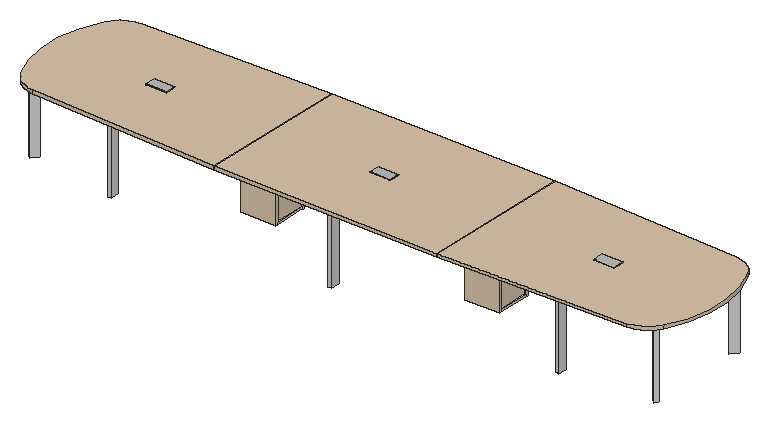
Revit family "Haworth_Planes_ConferenceTable_PebbleThreePiece", category Furniture Systems, Revit 2018 (continued)
Definition of nested family "Haworth_Planes_Worksurface_Pebble_3Piece_PART"
  Definition of nested family "Haworth_Planes_Worksurface_Pebble60_3Pieces_Part"
    Forms (in)
      Extrusion 2, solid, material <- "Table Finish", visible <- "192w"
        sketch origin (-729.89022, -148.78543, 0) x (1, 0, 0) y (0, 1, 0)
          loop
            arc (639.5615, 184.76794) -> (634.37022, 163.78543) -> (639.5615, 142.80292) r 45
            arc (639.5615, 142.80292) -> (643.44412, 138.46517) -> (648.91138, 136.4652) r 12
            arc (648.91138, 136.4652) -> (673.4465, 134.53693) -> (698.05022, 133.9479) r 451.67365
            line (698.05022, 133.9479) -> (698.05022, 193.62295)
            arc (698.05022, 193.62295) -> (673.4465, 193.03392) -> (648.91138, 191.10566) r 451.67365
            arc (648.91138, 191.10566) -> (643.44412, 189.10569) -> (639.5615, 184.76794) r 12
          loop
            arc (761.73022, 133.9479) -> (786.33395, 134.53693) -> (810.86906, 136.4652) r 451.67365
            arc (810.86906, 136.4652) -> (816.33632, 138.46517) -> (820.21894, 142.80292) r 12
            arc (820.21894, 142.80292) -> (825.41022, 163.78543) -> (820.21894, 184.76794) r 45
            arc (820.21894, 184.76794) -> (816.33632, 189.10569) -> (810.86906, 191.10566) r 12
            arc (810.86906, 191.10566) -> (786.33395, 193.03392) -> (761.73022, 193.62295) r 451.67365
            line (761.73022, 193.62295) -> (761.73022, 133.9479)
        from 27.8125 to 29
      Extrusion 3, solid, material <- "Table Finish", visible <- "198w"
        sketch origin (-731.23218, -211.57156, 0) x (1, 0, 0) y (0, 1, 0)
          loop
            arc (637.90398, 247.55507) -> (632.71218, 226.57156) -> (637.90398, 205.58806) r 45
            arc (637.90398, 205.58806) -> (641.8084, 201.23574) -> (647.3061, 199.24516) r 12
            arc (647.3061, 199.24516) -> (672.81638, 197.32305) -> (698.39218, 196.73385) r 490.41566
            line (698.39218, 196.73385) -> (698.39218, 256.40928)
            arc (698.39218, 256.40928) -> (672.81638, 255.82008) -> (647.3061, 253.89796) r 490.41566
            arc (647.3061, 253.89796) -> (641.8084, 251.90739) -> (637.90398, 247.55507) r 12
          loop
            arc (764.07218, 196.73385) -> (789.64798, 197.32305) -> (815.15826, 199.24516) r 490.41566
            arc (815.15826, 199.24516) -> (820.65596, 201.23574) -> (824.56038, 205.58806) r 12
            arc (824.56038, 205.58806) -> (829.75218, 226.57156) -> (824.56038, 247.55507) r 45
            arc (824.56038, 247.55507) -> (820.65596, 251.90739) -> (815.15826, 253.89796) r 12
            arc (815.15826, 253.89796) -> (789.64798, 255.82008) -> (764.07218, 256.40928) r 490.41566
            line (764.07218, 256.40928) -> (764.07218, 196.73385)
        from 27.8125 to 29
      Extrusion 4, solid, material <- "Table Finish", visible <- "204w"
        sketch origin (-730.56386, -275.02564, 0) x (1, 0, 0) y (0, 1, 0)
          loop
            arc (634.23599, 311.00977) -> (629.04386, 290.02564) -> (634.23599, 269.0415) r 45
            arc (634.23599, 269.0415) -> (638.16046, 264.6758) -> (643.68615, 262.69398) r 12
            arc (643.68615, 262.69398) -> (670.17364, 260.77721) -> (696.72386, 260.18775) r 530.75685
            line (696.72386, 260.18775) -> (696.72386, 319.86352)
            arc (696.72386, 319.86352) -> (670.17364, 319.27406) -> (643.68615, 317.35729) r 530.75685
            arc (643.68615, 317.35729) -> (638.16046, 315.37548) -> (634.23599, 311.00977) r 12
          loop
            arc (764.40386, 260.18775) -> (790.95407, 260.77721) -> (817.44157, 262.69398) r 530.75685
            arc (817.44157, 262.69398) -> (822.96726, 264.6758) -> (826.89172, 269.0415) r 12
            arc (826.89172, 269.0415) -> (832.08386, 290.02564) -> (826.89172, 311.00977) r 45
            arc (826.89172, 311.00977) -> (822.96726, 315.37548) -> (817.44157, 317.35729) r 12
            arc (817.44157, 317.35729) -> (790.95407, 319.27406) -> (764.40386, 319.86352) r 530.75685
            line (764.40386, 319.86352) -> (764.40386, 260.18775)
        from 27.8125 to 29
      Extrusion 5, solid, material <- "Table Finish", visible <- "210w"
        sketch origin (-729.89554, -340.48352, 0) x (1, 0, 0) y (0, 1, 0)
          loop
            arc (630.56785, 376.46799) -> (625.37554, 355.48352) -> (630.56785, 334.49905) r 45
            arc (630.56785, 334.49905) -> (634.51083, 330.12099) -> (640.06234, 328.14738) r 12
            arc (640.06234, 328.14738) -> (667.52886, 326.23528) -> (695.05554, 325.64548) r 572.69723
            line (695.05554, 325.64548) -> (695.05554, 385.32156)
            arc (695.05554, 385.32156) -> (667.52886, 384.73177) -> (640.06234, 382.81967) r 572.69723
            arc (640.06234, 382.81967) -> (634.51083, 380.84605) -> (630.56785, 376.46799) r 12
          loop
            arc (764.73554, 325.64548) -> (792.26222, 326.23528) -> (819.72874, 328.14738) r 572.69723
            arc (819.72874, 328.14738) -> (825.28025, 330.12099) -> (829.22323, 334.49905) r 12
            arc (829.22323, 334.49905) -> (834.41554, 355.48352) -> (829.22323, 376.46799) r 45
            arc (829.22323, 376.46799) -> (825.28025, 380.84605) -> (819.72874, 382.81967) r 12
            arc (819.72874, 382.81967) -> (792.26222, 384.73177) -> (764.73554, 385.32156) r 572.69723
            line (764.73554, 385.32156) -> (764.73554, 325.64548)
        from 27.8125 to 29
      Extrusion 6, solid, material <- "Table Finish", visible <- "216w"
        sketch origin (-727.89058, -405.94544, 0) x (1, 0, 0) y (0, 1, 0)
          loop
            arc (625.56294, 441.93001) -> (620.37058, 420.94544) -> (625.56294, 399.96088) r 45
            arc (625.56294, 399.96088) -> (629.52307, 395.57138) -> (635.09849, 393.60544) r 12
            arc (635.09849, 393.60544) -> (663.54563, 391.69744) -> (692.05058, 391.10727) r 616.2368
            line (692.05058, 391.10727) -> (692.05058, 450.78362)
            arc (692.05058, 450.78362) -> (663.54563, 450.19345) -> (635.09849, 448.28544) r 616.2368
            arc (635.09849, 448.28544) -> (629.52307, 446.3195) -> (625.56294, 441.93001) r 12
          loop
            arc (763.73058, 391.10727) -> (792.23553, 391.69744) -> (820.68267, 393.60544) r 616.2368
            arc (820.68267, 393.60544) -> (826.25809, 395.57138) -> (830.21822, 399.96088) r 12
            arc (830.21822, 399.96088) -> (835.41058, 420.94544) -> (830.21822, 441.93001) r 45
            arc (830.21822, 441.93001) -> (826.25809, 446.3195) -> (820.68267, 448.28544) r 12
            arc (820.68267, 448.28544) -> (792.23553, 450.19345) -> (763.73058, 450.78362) r 616.2368
            line (763.73058, 450.78362) -> (763.73058, 391.10727)
        from 27.8125 to 29
      Extrusion 7, solid, material <- "Table Finish", visible <- "222w"
        sketch origin (-727.25581, -470.81755, 0) x (1, 0, 0) y (0, 1, 0)
          loop
            arc (621.92813, 506.80203) -> (616.73581, 485.81755) -> (621.92813, 464.83307) r 45
            arc (621.92813, 464.83307) -> (625.90418, 460.43296) -> (631.50181, 458.47423) r 12
            arc (631.50181, 458.47423) -> (660.93099, 456.56983) -> (690.41581, 455.97925) r 661.37555
            line (690.41581, 455.97925) -> (690.41581, 515.65584)
            arc (690.41581, 515.65584) -> (660.93099, 515.06526) -> (631.50181, 513.16087) r 661.37555
            arc (631.50181, 513.16087) -> (625.90418, 511.20214) -> (621.92813, 506.80203) r 12
          loop
            arc (764.09581, 455.97925) -> (793.58063, 456.56983) -> (823.00981, 458.47423) r 661.37555
            arc (823.00981, 458.47423) -> (828.60743, 460.43296) -> (832.58349, 464.83307) r 12
            arc (832.58349, 464.83307) -> (837.77581, 485.81755) -> (832.58349, 506.80203) r 45
            arc (832.58349, 506.80203) -> (828.60743, 511.20214) -> (823.00981, 513.16087) r 12
            arc (823.00981, 513.16087) -> (793.58063, 515.06526) -> (764.09581, 515.65584) r 661.37555
            line (764.09581, 515.65584) -> (764.09581, 455.97925)
        from 27.8125 to 29
      Extrusion 8, solid, material <- "Table Finish", visible <- "228w"
        sketch origin (-725.92256, -535.60903, 0) x (1, 0, 0) y (0, 1, 0)
          loop
            arc (617.59475, 571.59328) -> (612.40256, 550.60903) -> (617.59475, 529.62478) r 45
            arc (617.59475, 529.62478) -> (621.58565, 525.21479) -> (627.20394, 523.26284) r 12
            arc (627.20394, 523.26284) -> (657.61643, 521.36164) -> (688.08256, 520.77062) r 708.1135
            line (688.08256, 520.77062) -> (688.08256, 580.44744)
            arc (688.08256, 580.44744) -> (657.61643, 579.85642) -> (627.20394, 577.95521) r 708.1135
            arc (627.20394, 577.95521) -> (621.58565, 576.00327) -> (617.59475, 571.59328) r 12
          loop
            arc (763.76256, 520.77062) -> (794.22868, 521.36164) -> (824.64117, 523.26284) r 708.1135
            arc (824.64117, 523.26284) -> (830.25946, 525.21479) -> (834.25036, 529.62478) r 12
            arc (834.25036, 529.62478) -> (839.44256, 550.60903) -> (834.25036, 571.59328) r 45
            arc (834.25036, 571.59328) -> (830.25946, 576.00327) -> (824.64117, 577.95521) r 12
            arc (824.64117, 577.95521) -> (794.22868, 579.85642) -> (763.76256, 580.44744) r 708.1135
            line (763.76256, 580.44744) -> (763.76256, 520.77062)
        from 27.8125 to 29
      Extrusion 9, solid, material <- "Table Finish", visible <- "234w"
        sketch origin (-724.70902, -598.95998, 0) x (1, 0, 0) y (0, 1, 0)
          loop
            arc (613.38103, 634.94388) -> (608.18902, 613.95998) -> (613.38103, 592.97609) r 45
            arc (613.38103, 592.97609) -> (617.3858, 588.55687) -> (623.02338, 586.61131) r 12
            arc (623.02338, 586.61131) -> (654.42031, 584.71295) -> (685.86902, 584.12148) r 756.45063
            line (685.86902, 584.12148) -> (685.86902, 643.79849)
            arc (685.86902, 643.79849) -> (654.42031, 643.20701) -> (623.02338, 641.30865) r 756.45063
            arc (623.02338, 641.30865) -> (617.3858, 639.36309) -> (613.38103, 634.94388) r 12
          loop
            arc (763.54902, 584.12148) -> (794.99773, 584.71295) -> (826.39466, 586.61131) r 756.45063
            arc (826.39466, 586.61131) -> (832.03225, 588.55687) -> (836.03701, 592.97609) r 12
            arc (836.03701, 592.97609) -> (841.22902, 613.95998) -> (836.03701, 634.94388) r 45
            arc (836.03701, 634.94388) -> (832.03225, 639.36309) -> (826.39466, 641.30865) r 12
            arc (826.39466, 641.30865) -> (794.99773, 643.20701) -> (763.54902, 643.79849) r 756.45063
            line (763.54902, 643.79849) -> (763.54902, 584.12148)
        from 27.8125 to 29
      Extrusion 10, solid, material <- "Table Finish", visible <- "240w"
        sketch origin (-724.87283, -663.92772, 0) x (1, 0, 0) y (0, 1, 0)
          loop
            arc (610.5446, 699.91117) -> (605.35283, 678.92772) -> (610.5446, 657.94427) r 45
            arc (610.5446, 657.94427) -> (614.56234, 653.51643) -> (620.21799, 651.5769) r 12
            arc (620.21799, 651.5769) -> (652.60038, 649.68107) -> (685.03283, 649.08912) r 806.38695
            line (685.03283, 649.08912) -> (685.03283, 708.76632)
            arc (685.03283, 708.76632) -> (652.60038, 708.17437) -> (620.21799, 706.27854) r 806.38695
            arc (620.21799, 706.27854) -> (614.56234, 704.33902) -> (610.5446, 699.91117) r 12
          loop
            arc (764.71283, 649.08912) -> (797.14527, 649.68107) -> (829.52767, 651.5769) r 806.38695
            arc (829.52767, 651.5769) -> (835.18332, 653.51643) -> (839.20106, 657.94427) r 12
            arc (839.20106, 657.94427) -> (844.39283, 678.92772) -> (839.20106, 699.91117) r 45
            arc (839.20106, 699.91117) -> (835.18332, 704.33902) -> (829.52767, 706.27854) r 12
            arc (829.52767, 706.27854) -> (797.14527, 708.17437) -> (764.71283, 708.76632) r 806.38695
            line (764.71283, 708.76632) -> (764.71283, 649.08912)
        from 27.8125 to 29
      Extrusion 11, solid, material <- "Table Finish", visible <- "246w"
        sketch origin (-724.87283, -726.76777, 0) x (1, 0, 0) y (0, 1, 0)
          loop
            arc (607.54433, 762.7507) -> (602.35283, 741.76777) -> (607.54433, 720.78484) r 45
            arc (607.54433, 720.78484) -> (611.57424, 716.3489) -> (617.24682, 714.41508) r 12
            arc (617.24682, 714.41508) -> (650.61561, 712.52151) -> (684.03283, 711.92909) r 857.92246
            line (684.03283, 711.92909) -> (684.03283, 771.60645)
            arc (684.03283, 771.60645) -> (650.61561, 771.01403) -> (617.24682, 769.12046) r 857.92246
            arc (617.24682, 769.12046) -> (611.57424, 767.18664) -> (607.54433, 762.7507) r 12
          loop
            arc (765.71283, 711.92909) -> (799.13005, 712.52151) -> (832.49884, 714.41508) r 857.92246
            arc (832.49884, 714.41508) -> (838.17141, 716.3489) -> (842.20133, 720.78484) r 12
            arc (842.20133, 720.78484) -> (847.39283, 741.76777) -> (842.20133, 762.7507) r 45
            arc (842.20133, 762.7507) -> (838.17141, 767.18664) -> (832.49884, 769.12046) r 12
            arc (832.49884, 769.12046) -> (799.13005, 771.01403) -> (765.71283, 771.60645) r 857.92246
            line (765.71283, 771.60645) -> (765.71283, 711.92909)
        from 27.8125 to 29
      Extrusion 12, solid, material <- "Table Finish", visible <- "252w"
        sketch origin (-724.20394, -789.61244, 0) x (1, 0, 0) y (0, 1, 0)
          loop
            arc (603.87513, 825.59479) -> (598.68394, 804.61244) -> (603.87513, 783.63009) r 45
            arc (603.87513, 783.63009) -> (607.91649, 779.18654) -> (613.60498, 777.25813) r 12
            arc (613.60498, 777.25813) -> (647.961, 775.36658) -> (682.36394, 774.77369) r 911.05716
            line (682.36394, 774.77369) -> (682.36394, 834.4512)
            arc (682.36394, 834.4512) -> (647.961, 833.8583) -> (613.60498, 831.96676) r 911.05716
            arc (613.60498, 831.96676) -> (607.91649, 830.03834) -> (603.87513, 825.59479) r 12
          loop
            arc (766.04394, 774.77369) -> (800.44687, 775.36658) -> (834.80289, 777.25813) r 911.05716
            arc (834.80289, 777.25813) -> (840.49138, 779.18654) -> (844.53274, 783.63009) r 12
            arc (844.53274, 783.63009) -> (849.72394, 804.61244) -> (844.53274, 825.59479) r 45
            arc (844.53274, 825.59479) -> (840.49138, 830.03834) -> (834.80289, 831.96676) r 12
            arc (834.80289, 831.96676) -> (800.44687, 833.8583) -> (766.04394, 834.4512) r 911.05716
            line (766.04394, 834.4512) -> (766.04394, 774.77369)
        from 27.8125 to 29
      Extrusion 13, solid, material <- "Table Finish", visible <- "258w"
        sketch origin (-724.20394, -852.45398, 0) x (1, 0, 0) y (0, 1, 0)
          loop
            arc (600.8748, 888.4357) -> (595.68394, 867.45398) -> (600.8748, 846.47225) r 45
            arc (600.8748, 846.47225) -> (604.92695, 842.02154) -> (610.63042, 840.09824) r 12
            arc (610.63042, 840.09824) -> (645.97442, 838.20852) -> (681.36394, 837.61515) r 965.79104
            line (681.36394, 837.61515) -> (681.36394, 897.2928)
            arc (681.36394, 897.2928) -> (645.97442, 896.69943) -> (610.63042, 894.80971) r 965.79104
            arc (610.63042, 894.80971) -> (604.92695, 892.88641) -> (600.8748, 888.4357) r 12
          loop
            arc (767.04394, 837.61515) -> (802.43345, 838.20852) -> (837.77745, 840.09824) r 965.79104
            arc (837.77745, 840.09824) -> (843.48093, 842.02154) -> (847.53307, 846.47225) r 12
            arc (847.53307, 846.47225) -> (852.72394, 867.45398) -> (847.53307, 888.4357) r 45
            arc (847.53307, 888.4357) -> (843.48093, 892.88641) -> (837.77745, 894.80971) r 12
            arc (837.77745, 894.80971) -> (802.43345, 896.69943) -> (767.04394, 897.2928) r 965.79104
            line (767.04394, 897.2928) -> (767.04394, 837.61515)
        from 27.8125 to 29
      Extrusion 14, solid, material <- "Table Finish", visible <- "264w"
        sketch origin (-724.87196, -915.34799, 0) x (1, 0, 0) y (0, 1, 0)
          loop
            arc (598.54248, 951.32906) -> (593.35196, 930.34799) -> (598.54248, 909.36692) r 45
            arc (598.54248, 909.36692) -> (602.6048, 904.90946) -> (608.32241, 902.99103) r 12
            arc (608.32241, 902.99103) -> (644.65509, 901.10295) -> (681.03196, 900.5091) r 1022.12412
            line (681.03196, 900.5091) -> (681.03196, 960.18688)
            arc (681.03196, 960.18688) -> (644.65509, 959.59303) -> (608.32241, 957.70496) r 1022.12412
            arc (608.32241, 957.70496) -> (602.6048, 955.78653) -> (598.54248, 951.32906) r 12
          loop
            arc (768.71196, 900.5091) -> (805.08883, 901.10295) -> (841.42151, 902.99103) r 1022.12412
            arc (841.42151, 902.99103) -> (847.13912, 904.90946) -> (851.20144, 909.36692) r 12
            arc (851.20144, 909.36692) -> (856.39196, 930.34799) -> (851.20144, 951.32906) r 45
            arc (851.20144, 951.32906) -> (847.13912, 955.78653) -> (841.42151, 957.70496) r 12
            arc (841.42151, 957.70496) -> (805.08883, 959.59303) -> (768.71196, 960.18688) r 1022.12412
            line (768.71196, 960.18688) -> (768.71196, 900.5091)
        from 27.8125 to 29
      Extrusion 15, solid, material <- "Table Finish", visible <- "270w"
        sketch origin (-724.20685, -978.94741, 0) x (1, 0, 0) y (0, 1, 0)
          loop
            arc (594.87701, 1014.9278) -> (589.68685, 993.94741) -> (594.87701, 972.96703) r 45
            arc (594.87701, 972.96703) -> (598.94895, 968.50318) -> (604.67991, 966.58938) r 12
            arc (604.67991, 966.58938) -> (642.00192, 964.70279) -> (679.36685, 964.10847) r 1080.05638
            line (679.36685, 964.10847) -> (679.36685, 1023.78636)
            arc (679.36685, 1023.78636) -> (642.00192, 1023.19204) -> (604.67991, 1021.30545) r 1080.05638
            arc (604.67991, 1021.30545) -> (598.94895, 1019.39165) -> (594.87701, 1014.9278) r 12
          loop
            arc (769.04685, 964.10847) -> (806.41179, 964.70279) -> (843.73379, 966.58938) r 1080.05638
            arc (843.73379, 966.58938) -> (849.46476, 968.50318) -> (853.5367, 972.96703) r 12
            arc (853.5367, 972.96703) -> (858.72685, 993.94741) -> (853.5367, 1014.9278) r 45
            arc (853.5367, 1014.9278) -> (849.46476, 1019.39165) -> (843.73379, 1021.30545) r 12
            arc (843.73379, 1021.30545) -> (806.41179, 1023.19204) -> (769.04685, 1023.78636) r 1080.05638
            line (769.04685, 1023.78636) -> (769.04685, 964.10847)
        from 27.8125 to 29
      Extrusion 16, solid, material <- "Table Finish", visible <- "186w"
        sketch origin (-730.5556, -86.63524, 0) x (1, 0, 0) y (0, 1, 0)
          loop
            line (699.7156, 131.47255) -> (699.7156, 71.79793) -> (761.3956, 71.79793) -> (761.3956, 131.47255) -> (699.7156, 131.47255)
        from 27.8125 to 29
      Extrusion 17, solid, material <- "Table Finish", visible <- "192w"
        sketch origin (-729.89022, -148.78543, 0) x (1, 0, 0) y (0, 1, 0)
          loop
            line (698.05022, 193.62295) -> (698.05022, 133.9479) -> (761.73022, 133.9479) -> (761.73022, 193.62295) -> (698.05022, 193.62295)
        from 27.8125 to 29
      Extrusion 18, solid, material <- "Table Finish", visible <- "198w"
        sketch origin (-731.23218, -211.57156, 0) x (1, 0, 0) y (0, 1, 0)
          loop
            line (698.39218, 256.40928) -> (698.39218, 196.73385) -> (764.07218, 196.73385) -> (764.07218, 256.40928) -> (698.39218, 256.40928)
        from 27.8125 to 29
      Extrusion 19, solid, material <- "Table Finish", visible <- "204w"
        sketch origin (-730.56386, -275.02564, 0) x (1, 0, 0) y (0, 1, 0)
          loop
            line (696.72386, 319.86352) -> (696.72386, 260.18775) -> (764.40386, 260.18775) -> (764.40386, 319.86352) -> (696.72386, 319.86352)
        from 27.8125 to 29
      Extrusion 20, solid, material <- "Table Finish", visible <- "210w"
        sketch origin (-729.89554, -340.48352, 0) x (1, 0, 0) y (0, 1, 0)
          loop
            line (695.05554, 385.32156) -> (695.05554, 325.64548) -> (764.73554, 325.64548) -> (764.73554, 385.32156) -> (695.05554, 385.32156)
        from 27.8125 to 29
      Extrusion 21, solid, material <- "Table Finish", visible <- "216w"
        sketch origin (-727.89058, -405.94544, 0) x (1, 0, 0) y (0, 1, 0)
          loop
            line (692.05058, 450.78362) -> (692.05058, 391.10727) -> (763.73058, 391.10727) -> (763.73058, 450.78362) -> (692.05058, 450.78362)
        from 27.8125 to 29
      Extrusion 22, solid, material <- "Table Finish", visible <- "222w"
        sketch origin (-727.25581, -470.81755, 0) x (1, 0, 0) y (0, 1, 0)
          loop
            line (690.41581, 515.65584) -> (690.41581, 455.97925) -> (764.09581, 455.97925) -> (764.09581, 515.65584) -> (690.41581, 515.65584)
        from 27.8125 to 29
      Extrusion 23, solid, material <- "Table Finish", visible <- "228w"
        sketch origin (-725.92256, -535.60903, 0) x (1, 0, 0) y (0, 1, 0)
          loop
            line (688.08256, 580.44744) -> (688.08256, 520.77062) -> (763.76256, 520.77062) -> (763.76256, 580.44744) -> (688.08256, 580.44744)
        from 27.8125 to 29
      Extrusion 24, solid, material <- "Table Finish", visible <- "240w"
        sketch origin (-724.87283, -663.92772, 0) x (1, 0, 0) y (0, 1, 0)
          loop
            line (685.03283, 708.76632) -> (685.03283, 649.08912) -> (764.71283, 649.08912) -> (764.71283, 708.76632) -> (685.03283, 708.76632)
        from 27.8125 to 29
      Extrusion 25, solid, material <- "Table Finish", visible <- "246w"
        sketch origin (-724.87283, -726.76777, 0) x (1, 0, 0) y (0, 1, 0)
          loop
            line (684.03283, 771.60645) -> (684.03283, 711.92909) -> (765.71283, 711.92909) -> (765.71283, 771.60645) -> (684.03283, 771.60645)
        from 27.8125 to 29
      Extrusion 26, solid, material <- "Table Finish", visible <- "252w"
        sketch origin (-724.20394, -789.61244, 0) x (1, 0, 0) y (0, 1, 0)
          loop
            line (682.36394, 834.4512) -> (682.36394, 774.77369) -> (766.04394, 774.77369) -> (766.04394, 834.4512) -> (682.36394, 834.4512)
        from 27.8125 to 29
      Extrusion 27, solid, material <- "Table Finish", visible <- "258w"
        sketch origin (-724.20394, -852.45398, 0) x (1, 0, 0) y (0, 1, 0)
          loop
            line (681.36394, 897.2928) -> (681.36394, 837.61515) -> (767.04394, 837.61515) -> (767.04394, 897.2928) -> (681.36394, 897.2928)
        from 27.8125 to 29
      Extrusion 28, solid, material <- "Table Finish", visible <- "264w"
        sketch origin (-724.87196, -915.34799, 0) x (1, 0, 0) y (0, 1, 0)
          loop
            line (681.03196, 960.18688) -> (681.03196, 900.5091) -> (768.71196, 900.5091) -> (768.71196, 960.18688) -> (681.03196, 960.18688)
        from 27.8125 to 29
      Extrusion 29, solid, material <- "Table Finish", visible <- "270w"
        sketch origin (-724.20685, -978.94741, 0) x (1, 0, 0) y (0, 1, 0)
          loop
            line (679.36685, 1023.78636) -> (679.36685, 964.10847) -> (769.04685, 964.10847) -> (769.04685, 1023.78636) -> (679.36685, 1023.78636)
        from 27.8125 to 29
      Extrusion 30, solid, material <- "Table Finish", visible <- "234w"
        sketch origin (-724.70902, -598.95998, 0) x (1, 0, 0) y (0, 1, 0)
          loop
            line (685.86902, 643.79849) -> (685.86902, 584.12148) -> (763.54902, 584.12148) -> (763.54902, 643.79849) -> (685.86902, 643.79849)
        from 27.8125 to 29
    Lines and regions (in)
      Masking region 1, visible <- "186w"
        outline origin (-730.5556, -86.63524, 0) x (1, 0, 0) y (0, 1, 0)
          loop
            arc (652.76351, 74.29524) -> (675.45521, 72.42087) -> (698.2156, 71.79524) r 414.53084
            line (698.2156, 71.79524) -> (762.8956, 71.79524)
            arc (762.8956, 71.79524) -> (785.65598, 72.42087) -> (808.34768, 74.29524) r 414.53084
            arc (808.34768, 74.29524) -> (813.9231, 76.26118) -> (817.88323, 80.65067) r 12
            arc (817.88323, 80.65067) -> (823.0756, 101.63524) -> (817.88323, 122.61981) r 45
            arc (817.88323, 122.61981) -> (813.9231, 127.0093) -> (808.34768, 128.97524) r 12
            arc (808.34768, 128.97524) -> (785.65598, 130.84961) -> (762.8956, 131.47524) r 414.53084
            line (762.8956, 131.47524) -> (698.2156, 131.47524)
            arc (698.2156, 131.47524) -> (675.45521, 130.84961) -> (652.76351, 128.97524) r 414.53084
            arc (652.76351, 128.97524) -> (647.18809, 127.0093) -> (643.22796, 122.61981) r 12
            arc (643.22796, 122.61981) -> (638.0356, 101.63524) -> (643.22796, 80.65067) r 45
            arc (643.22796, 80.65067) -> (647.18809, 76.26118) -> (652.76351, 74.29524) r 12
      Masking region 2, visible <- "192w"
        outline origin (-729.89022, -148.78543, 0) x (1, 0, 0) y (0, 1, 0)
          loop
            arc (639.56259, 184.77) -> (634.37022, 163.78543) -> (639.56259, 142.80086) r 45
            arc (639.56259, 142.80086) -> (643.52271, 138.41137) -> (649.09813, 136.44543) r 12
            arc (649.09813, 136.44543) -> (672.79128, 134.57098) -> (696.55022, 133.94543) r 451.67365
            line (696.55022, 133.94543) -> (763.23022, 133.94543)
            arc (763.23022, 133.94543) -> (786.98916, 134.57098) -> (810.68231, 136.44543) r 451.67365
            arc (810.68231, 136.44543) -> (816.25773, 138.41137) -> (820.21786, 142.80086) r 12
            arc (820.21786, 142.80086) -> (825.41022, 163.78543) -> (820.21786, 184.77) r 45
            arc (820.21786, 184.77) -> (816.25773, 189.15949) -> (810.68231, 191.12543) r 12
            arc (810.68231, 191.12543) -> (786.98916, 192.99988) -> (763.23022, 193.62543) r 451.67365
            line (763.23022, 193.62543) -> (696.55022, 193.62543)
            arc (696.55022, 193.62543) -> (672.79128, 192.99988) -> (649.09813, 191.12543) r 451.67365
            arc (649.09813, 191.12543) -> (643.52271, 189.15949) -> (639.56259, 184.77) r 12
      Masking region 3, visible <- "198w"
        outline origin (-731.23218, -211.57156, 0) x (1, 0, 0) y (0, 1, 0)
          loop
            arc (637.90454, 247.55613) -> (632.71218, 226.57156) -> (637.90454, 205.587) r 45
            arc (637.90454, 205.587) -> (641.86467, 201.1975) -> (647.44009, 199.23156) r 12
            arc (647.44009, 199.23156) -> (672.13618, 197.35696) -> (696.89541, 196.73156) r 490.41566
            line (696.89541, 196.73156) -> (765.56895, 196.73156)
            arc (765.56895, 196.73156) -> (790.32818, 197.35696) -> (815.02427, 199.23156) r 490.41566
            arc (815.02427, 199.23156) -> (820.59969, 201.1975) -> (824.55982, 205.587) r 12
            arc (824.55982, 205.587) -> (829.75218, 226.57156) -> (824.55982, 247.55613) r 45
            arc (824.55982, 247.55613) -> (820.59969, 251.94562) -> (815.02427, 253.91156) r 12
            arc (815.02427, 253.91156) -> (790.32818, 255.78616) -> (765.56895, 256.41156) r 490.41566
            line (765.56895, 256.41156) -> (696.89541, 256.41156)
            arc (696.89541, 256.41156) -> (672.13618, 255.78616) -> (647.44009, 253.91156) r 490.41566
            arc (647.44009, 253.91156) -> (641.86467, 251.94562) -> (637.90454, 247.55613) r 12
      Masking region 4, visible <- "204w"
        outline origin (-730.56386, -275.02564, 0) x (1, 0, 0) y (0, 1, 0)
          loop
            arc (634.23622, 311.0102) -> (629.04386, 290.02564) -> (634.23622, 269.04107) r 45
            arc (634.23622, 269.04107) -> (638.19635, 264.65158) -> (643.77177, 262.68564) r 12
            arc (643.77177, 262.68564) -> (669.46852, 260.811) -> (695.22597, 260.18564) r 530.75685
            line (695.22597, 260.18564) -> (765.90175, 260.18564)
            arc (765.90175, 260.18564) -> (791.6592, 260.811) -> (817.35595, 262.68564) r 530.75685
            arc (817.35595, 262.68564) -> (822.93137, 264.65158) -> (826.8915, 269.04107) r 12
            arc (826.8915, 269.04107) -> (832.08386, 290.02564) -> (826.8915, 311.0102) r 45
            arc (826.8915, 311.0102) -> (822.93137, 315.3997) -> (817.35595, 317.36564) r 12
            arc (817.35595, 317.36564) -> (791.6592, 319.24027) -> (765.90175, 319.86564) r 530.75685
            line (765.90175, 319.86564) -> (695.22597, 319.86564)
            arc (695.22597, 319.86564) -> (669.46852, 319.24027) -> (643.77177, 317.36564) r 530.75685
            arc (643.77177, 317.36564) -> (638.19635, 315.3997) -> (634.23622, 311.0102) r 12
      Masking region 5, visible <- "210w"
        outline origin (-729.89554, -340.48352, 0) x (1, 0, 0) y (0, 1, 0)
          loop
            arc (630.5679, 376.46809) -> (625.37554, 355.48352) -> (630.5679, 334.49895) r 45
            arc (630.5679, 334.49895) -> (634.52803, 330.10946) -> (640.10345, 328.14352) r 12
            arc (640.10345, 328.14352) -> (666.8008, 326.26886) -> (693.55657, 325.64352) r 572.69723
            line (693.55657, 325.64352) -> (766.23451, 325.64352)
            arc (766.23451, 325.64352) -> (792.99028, 326.26886) -> (819.68763, 328.14352) r 572.69723
            arc (819.68763, 328.14352) -> (825.26305, 330.10946) -> (829.22318, 334.49895) r 12
            arc (829.22318, 334.49895) -> (834.41554, 355.48352) -> (829.22318, 376.46809) r 45
            arc (829.22318, 376.46809) -> (825.26305, 380.85758) -> (819.68763, 382.82352) r 12
            arc (819.68763, 382.82352) -> (792.99028, 384.69818) -> (766.23451, 385.32352) r 572.69723
            line (766.23451, 385.32352) -> (693.55657, 385.32352)
            arc (693.55657, 385.32352) -> (666.8008, 384.69818) -> (640.10345, 382.82352) r 572.69723
            arc (640.10345, 382.82352) -> (634.52803, 380.85758) -> (630.5679, 376.46809) r 12
      Masking region 6, visible <- "216w"
        outline origin (-727.89058, -405.94544, 0) x (1, 0, 0) y (0, 1, 0)
          loop
            arc (625.56294, 441.93001) -> (620.37058, 420.94544) -> (625.56294, 399.96088) r 45
            arc (625.56294, 399.96088) -> (629.52307, 395.57138) -> (635.09849, 393.60544) r 12
            arc (635.09849, 393.60544) -> (662.79637, 391.73076) -> (690.55058, 391.10544) r 616.2368
            line (690.55058, 391.10544) -> (765.23058, 391.10544)
            arc (765.23058, 391.10544) -> (792.98479, 391.73076) -> (820.68267, 393.60544) r 616.2368
            arc (820.68267, 393.60544) -> (826.25809, 395.57138) -> (830.21822, 399.96088) r 12
            arc (830.21822, 399.96088) -> (835.41058, 420.94544) -> (830.21822, 441.93001) r 45
            arc (830.21822, 441.93001) -> (826.25809, 446.3195) -> (820.68267, 448.28544) r 12
            arc (820.68267, 448.28544) -> (792.98479, 450.16013) -> (765.23058, 450.78544) r 616.2368
            line (765.23058, 450.78544) -> (690.55058, 450.78544)
            arc (690.55058, 450.78544) -> (662.79637, 450.16013) -> (635.09849, 448.28544) r 616.2368
            arc (635.09849, 448.28544) -> (629.52307, 446.3195) -> (625.56294, 441.93001) r 12
      Masking region 7, visible <- "222w"
        outline origin (-727.25581, -470.81755, 0) x (1, 0, 0) y (0, 1, 0)
          loop
            arc (621.92817, 506.80212) -> (616.73581, 485.81755) -> (621.92817, 464.83298) r 45
            arc (621.92817, 464.83298) -> (625.8883, 460.44349) -> (631.46372, 458.47755) r 12
            arc (631.46372, 458.47755) -> (660.16208, 456.60284) -> (688.91481, 455.97755) r 661.37555
            line (688.91481, 455.97755) -> (765.5968, 455.97755)
            arc (765.5968, 455.97755) -> (794.34953, 456.60284) -> (823.0479, 458.47755) r 661.37555
            arc (823.0479, 458.47755) -> (828.62332, 460.44349) -> (832.58344, 464.83298) r 12
            arc (832.58344, 464.83298) -> (837.77581, 485.81755) -> (832.58344, 506.80212) r 45
            arc (832.58344, 506.80212) -> (828.62332, 511.19161) -> (823.0479, 513.15755) r 12
            arc (823.0479, 513.15755) -> (794.34953, 515.03225) -> (765.5968, 515.65755) r 661.37555
            line (765.5968, 515.65755) -> (688.91481, 515.65755)
            arc (688.91481, 515.65755) -> (660.16208, 515.03225) -> (631.46372, 513.15755) r 661.37555
            arc (631.46372, 513.15755) -> (625.8883, 511.19161) -> (621.92817, 506.80212) r 12
      Masking region 8, visible <- "228w"
        outline origin (-725.92256, -535.60903, 0) x (1, 0, 0) y (0, 1, 0)
          loop
            arc (617.59492, 571.5936) -> (612.40256, 550.60903) -> (617.59492, 529.62446) r 45
            arc (617.59492, 529.62446) -> (621.55505, 525.23497) -> (627.13047, 523.26903) r 12
            arc (627.13047, 523.26903) -> (656.82926, 521.3943) -> (686.5806, 520.76903) r 708.1135
            line (686.5806, 520.76903) -> (765.26452, 520.76903)
            arc (765.26452, 520.76903) -> (795.01585, 521.3943) -> (824.71464, 523.26903) r 708.1135
            arc (824.71464, 523.26903) -> (830.29007, 525.23497) -> (834.25019, 529.62446) r 12
            arc (834.25019, 529.62446) -> (839.44256, 550.60903) -> (834.25019, 571.5936) r 45
            arc (834.25019, 571.5936) -> (830.29007, 575.98309) -> (824.71464, 577.94903) r 12
            arc (824.71464, 577.94903) -> (795.01585, 579.82375) -> (765.26452, 580.44903) r 708.1135
            line (765.26452, 580.44903) -> (686.5806, 580.44903)
            arc (686.5806, 580.44903) -> (656.82926, 579.82375) -> (627.13047, 577.94903) r 708.1135
            arc (627.13047, 577.94903) -> (621.55505, 575.98309) -> (617.59492, 571.5936) r 12
      Masking region 9, visible <- "234w"
        outline origin (-724.70902, -598.95998, 0) x (1, 0, 0) y (0, 1, 0)
          loop
            arc (613.38139, 634.94455) -> (608.18902, 613.95998) -> (613.38139, 592.97542) r 45
            arc (613.38139, 592.97542) -> (617.34151, 588.58592) -> (622.91694, 586.61998) r 12
            arc (622.91694, 586.61998) -> (653.61612, 584.74524) -> (684.36613, 584.11998) r 756.45063
            line (684.36613, 584.11998) -> (765.05192, 584.11998)
            arc (765.05192, 584.11998) -> (795.80193, 584.74524) -> (826.50111, 586.61998) r 756.45063
            arc (826.50111, 586.61998) -> (832.07653, 588.58592) -> (836.03666, 592.97542) r 12
            arc (836.03666, 592.97542) -> (841.22902, 613.95998) -> (836.03666, 634.94455) r 45
            arc (836.03666, 634.94455) -> (832.07653, 639.33404) -> (826.50111, 641.29998) r 12
            arc (826.50111, 641.29998) -> (795.80193, 643.17472) -> (765.05192, 643.79998) r 756.45063
            line (765.05192, 643.79998) -> (684.36613, 643.79998)
            arc (684.36613, 643.79998) -> (653.61612, 643.17472) -> (622.91694, 641.29998) r 756.45063
            arc (622.91694, 641.29998) -> (617.34151, 639.33404) -> (613.38139, 634.94455) r 12
      Masking region 10, visible <- "240w"
        outline origin (-724.87283, -663.92772, 0) x (1, 0, 0) y (0, 1, 0)
          loop
            arc (610.54519, 699.91229) -> (605.35283, 678.92772) -> (610.54519, 657.94315) r 45
            arc (610.54519, 657.94315) -> (614.50532, 653.55366) -> (620.08074, 651.58772) r 12
            arc (620.08074, 651.58772) -> (651.78027, 649.71296) -> (683.52903, 649.08772) r 806.38695
            line (683.52903, 649.08772) -> (766.21663, 649.08772)
            arc (766.21663, 649.08772) -> (797.96539, 649.71296) -> (829.66492, 651.58772) r 806.38695
            arc (829.66492, 651.58772) -> (835.24034, 653.55366) -> (839.20047, 657.94315) r 12
            arc (839.20047, 657.94315) -> (844.39283, 678.92772) -> (839.20047, 699.91229) r 45
            arc (839.20047, 699.91229) -> (835.24034, 704.30178) -> (829.66492, 706.26772) r 12
            arc (829.66492, 706.26772) -> (797.96539, 708.14248) -> (766.21663, 708.76772) r 806.38695
            line (766.21663, 708.76772) -> (683.52903, 708.76772)
            arc (683.52903, 708.76772) -> (651.78027, 708.14248) -> (620.08074, 706.26772) r 806.38695
            arc (620.08074, 706.26772) -> (614.50532, 704.30178) -> (610.54519, 699.91229) r 12
      Masking region 11, visible <- "246w"
        outline origin (-724.87283, -726.76777, 0) x (1, 0, 0) y (0, 1, 0)
          loop
            arc (607.54519, 762.75234) -> (602.35283, 741.76777) -> (607.54519, 720.7832) r 45
            arc (607.54519, 720.7832) -> (611.50532, 716.39371) -> (617.08074, 714.42777) r 12
            arc (617.08074, 714.42777) -> (649.78292, 712.55291) -> (682.53283, 711.92777) r 857.92246
            line (682.53283, 711.92777) -> (767.21283, 711.92777)
            arc (767.21283, 711.92777) -> (799.96274, 712.55291) -> (832.66492, 714.42777) r 857.92246
            arc (832.66492, 714.42777) -> (838.24034, 716.39371) -> (842.20047, 720.7832) r 12
            arc (842.20047, 720.7832) -> (847.39283, 741.76777) -> (842.20047, 762.75234) r 45
            arc (842.20047, 762.75234) -> (838.24034, 767.14183) -> (832.66492, 769.10777) r 12
            arc (832.66492, 769.10777) -> (799.96274, 770.98263) -> (767.21283, 771.60777) r 857.92246
            line (767.21283, 771.60777) -> (682.53283, 771.60777)
            arc (682.53283, 771.60777) -> (649.78292, 770.98263) -> (617.08074, 769.10777) r 857.92246
            arc (617.08074, 769.10777) -> (611.50532, 767.14183) -> (607.54519, 762.75234) r 12
      Masking region 12, visible <- "252w"
        outline origin (-724.20394, -789.61244, 0) x (1, 0, 0) y (0, 1, 0)
          loop
            arc (603.8763, 825.59701) -> (598.68394, 804.61244) -> (603.8763, 783.62787) r 45
            arc (603.8763, 783.62787) -> (607.83643, 779.23838) -> (613.41185, 777.27244) r 12
            arc (613.41185, 777.27244) -> (647.11473, 775.39755) -> (680.86394, 774.77244) r 911.05716
            line (680.86394, 774.77244) -> (767.54394, 774.77244)
            arc (767.54394, 774.77244) -> (801.29314, 775.39755) -> (834.99602, 777.27244) r 911.05716
            arc (834.99602, 777.27244) -> (840.57145, 779.23838) -> (844.53157, 783.62787) r 12
            arc (844.53157, 783.62787) -> (849.72394, 804.61244) -> (844.53157, 825.59701) r 45
            arc (844.53157, 825.59701) -> (840.57145, 829.9865) -> (834.99602, 831.95244) r 12
            arc (834.99602, 831.95244) -> (801.29314, 833.82733) -> (767.54394, 834.45244) r 911.05716
            line (767.54394, 834.45244) -> (680.86394, 834.45244)
            arc (680.86394, 834.45244) -> (647.11473, 833.82733) -> (613.41185, 831.95244) r 911.05716
            arc (613.41185, 831.95244) -> (607.83643, 829.9865) -> (603.8763, 825.59701) r 12
      Masking region 13, visible <- "258w"
        outline origin (-724.20394, -852.45398, 0) x (1, 0, 0) y (0, 1, 0)
          loop
            arc (600.8763, 888.43854) -> (595.68394, 867.45398) -> (600.8763, 846.46941) r 45
            arc (600.8763, 846.46941) -> (604.83643, 842.07992) -> (610.41185, 840.11398) r 12
            arc (610.41185, 840.11398) -> (645.1154, 838.23906) -> (679.86394, 837.61398) r 965.79104
            line (679.86394, 837.61398) -> (768.54394, 837.61398)
            arc (768.54394, 837.61398) -> (803.29247, 838.23906) -> (837.99602, 840.11398) r 965.79104
            arc (837.99602, 840.11398) -> (843.57145, 842.07992) -> (847.53157, 846.46941) r 12
            arc (847.53157, 846.46941) -> (852.72394, 867.45398) -> (847.53157, 888.43854) r 45
            arc (847.53157, 888.43854) -> (843.57145, 892.82803) -> (837.99602, 894.79398) r 12
            arc (837.99602, 894.79398) -> (803.29247, 896.66889) -> (768.54394, 897.29398) r 965.79104
            line (768.54394, 897.29398) -> (679.86394, 897.29398)
            arc (679.86394, 897.29398) -> (645.1154, 896.66889) -> (610.41185, 894.79398) r 965.79104
            arc (610.41185, 894.79398) -> (604.83643, 892.82803) -> (600.8763, 888.43854) r 12
      Masking region 14, visible <- "264w"
        outline origin (-724.87196, -915.34799, 0) x (1, 0, 0) y (0, 1, 0)
          loop
            arc (598.54432, 951.33256) -> (593.35196, 930.34799) -> (598.54432, 909.36343) r 45
            arc (598.54432, 909.36343) -> (602.50445, 904.97393) -> (608.07987, 903.00799) r 12
            arc (608.07987, 903.00799) -> (643.78405, 901.13306) -> (679.53196, 900.50799) r 1022.12412
            line (679.53196, 900.50799) -> (770.21196, 900.50799)
            arc (770.21196, 900.50799) -> (805.95987, 901.13306) -> (841.66405, 903.00799) r 1022.12412
            arc (841.66405, 903.00799) -> (847.23947, 904.97393) -> (851.1996, 909.36343) r 12
            arc (851.1996, 909.36343) -> (856.39196, 930.34799) -> (851.1996, 951.33256) r 45
            arc (851.1996, 951.33256) -> (847.23947, 955.72205) -> (841.66405, 957.68799) r 12
            arc (841.66405, 957.68799) -> (805.95987, 959.56293) -> (770.21196, 960.18799) r 1022.12412
            line (770.21196, 960.18799) -> (679.53196, 960.18799)
            arc (679.53196, 960.18799) -> (643.78405, 959.56293) -> (608.07987, 957.68799) r 1022.12412
            arc (608.07987, 957.68799) -> (602.50445, 955.72205) -> (598.54432, 951.33256) r 12
      Masking region 15, visible <- "270w"
        outline origin (-724.20685, -978.94741, 0) x (1, 0, 0) y (0, 1, 0)
          loop
            arc (594.87922, 1014.93198) -> (589.68685, 993.94741) -> (594.87922, 972.96285) r 45
            arc (594.87922, 972.96285) -> (598.83935, 968.57336) -> (604.41477, 966.60741) r 12
            arc (604.41477, 966.60741) -> (641.11954, 964.73246) -> (677.86685, 964.10741) r 1080.05638
            line (677.86685, 964.10741) -> (770.54685, 964.10741)
            arc (770.54685, 964.10741) -> (807.29417, 964.73246) -> (843.99894, 966.60741) r 1080.05638
            arc (843.99894, 966.60741) -> (849.57436, 968.57336) -> (853.53449, 972.96285) r 12
            arc (853.53449, 972.96285) -> (858.72685, 993.94741) -> (853.53449, 1014.93198) r 45
            arc (853.53449, 1014.93198) -> (849.57436, 1019.32147) -> (843.99894, 1021.28741) r 12
            arc (843.99894, 1021.28741) -> (807.29417, 1023.16237) -> (770.54685, 1023.78741) r 1080.05638
            line (770.54685, 1023.78741) -> (677.86685, 1023.78741)
            arc (677.86685, 1023.78741) -> (641.11954, 1023.16237) -> (604.41477, 1021.28741) r 1080.05638
            arc (604.41477, 1021.28741) -> (598.83935, 1019.32147) -> (594.87922, 1014.93198) r 12
      symbolic lines, visible <- "186w", detail levels medium+fine
        curve 1: line (-30.84, 44.83731, 0) -> (-30.84, -14.83731, 0)
        curve 2: line (30.84, -14.83731, 0) -> (30.84, 44.83731, 0)
      symbolic lines, visible <- "192w", detail levels medium+fine
        curve 3: line (31.84, -14.83752, 0) -> (31.84, 44.83752, 0)
        curve 4: line (-31.84, 44.83752, 0) -> (-31.84, -14.83752, 0)
      symbolic lines, visible <- "198w", detail levels medium+fine
        curve 5: line (-32.84, 44.83772, 0) -> (-32.84, -14.83772, 0)
        curve 6: line (32.84, -14.83772, 0) -> (32.84, 44.83772, 0)
      symbolic lines, visible <- "204w", detail levels medium+fine
        curve 7: line (33.84, -14.83789, 0) -> (33.84, 44.83789, 0)
        curve 8: line (-33.84, 44.83789, 0) -> (-33.84, -14.83789, 0)
      symbolic lines, visible <- "210w", detail levels medium+fine
        curve 9: line (-34.84, 44.83804, 0) -> (-34.84, -14.83804, 0)
        curve 10: line (34.84, -14.83804, 0) -> (34.84, 44.83804, 0)
      symbolic lines, visible <- "216w", detail levels medium+fine
        curve 11: line (35.84, -14.83817, 0) -> (35.84, 44.83817, 0)
        curve 12: line (-35.84, 44.83817, 0) -> (-35.84, -14.83817, 0)
      symbolic lines, visible <- "222w", detail levels medium+fine
        curve 13: line (-36.84, 44.8383, 0) -> (-36.84, -14.8383, 0)
        curve 14: line (36.84, -14.8383, 0) -> (36.84, 44.8383, 0)
      symbolic lines, visible <- "228w", detail levels medium+fine
        curve 15: line (37.84, -14.83841, 0) -> (37.84, 44.83841, 0)
        curve 16: line (-37.84, 44.83841, 0) -> (-37.84, -14.83841, 0)
      symbolic lines, visible <- "234w", detail levels medium+fine
        curve 17: line (-38.84, 44.83851, 0) -> (-38.84, -14.83851, 0)
        curve 18: line (38.84, -14.83851, 0) -> (38.84, 44.83851, 0)
      symbolic lines, visible <- "240w", detail levels medium+fine
        curve 19: line (39.84, -14.8386, 0) -> (39.84, 44.8386, 0)
        curve 20: line (-39.84, 44.8386, 0) -> (-39.84, -14.8386, 0)
      symbolic lines, visible <- "246w", detail levels medium+fine
        curve 21: line (-40.84, 44.83868, 0) -> (-40.84, -14.83868, 0)
        curve 22: line (40.84, -14.83868, 0) -> (40.84, 44.83868, 0)
      symbolic lines, visible <- "252w", detail levels medium+fine
        curve 23: line (41.84, -14.83876, 0) -> (41.84, 44.83876, 0)
        curve 24: line (-41.84, 44.83876, 0) -> (-41.84, -14.83876, 0)
      symbolic lines, visible <- "258w", detail levels medium+fine
        curve 25: line (-42.84, 44.83883, 0) -> (-42.84, -14.83883, 0)
        curve 26: line (42.84, -14.83883, 0) -> (42.84, 44.83883, 0)
      symbolic lines, visible <- "264w", detail levels medium+fine
        curve 27: line (43.84, -14.83889, 0) -> (43.84, 44.83889, 0)
        curve 28: line (-43.84, 44.83889, 0) -> (-43.84, -14.83889, 0)
      symbolic lines, visible <- "270w", detail levels medium+fine
        curve 29: line (-44.84, 44.83895, 0) -> (-44.84, -14.83895, 0)
        curve 30: line (44.84, -14.83895, 0) -> (44.84, 44.83895, 0)
    Dimensions and locks (in)
      "Thickness": plane 4 "Table Top" to plane 5 "Table Bottom"
      "Actual Height": plane 4 "Table Top" to level
      "Cutout Dimension": plane 6 "Cutout Top" to plane 7 "Cutout Bottom"
      plane 6 "Cutout Top" to plane 4 "Table Top" = 1"
      locked: plane 4 "Table Top" to plane 8 "KnifeEdge Middle" at 0.375
      aligned and locked: plane 4 "Table Top" to Extrusion 15
      aligned and locked: plane 4 "Table Top" to Extrusion 14
      aligned and locked: plane 4 "Table Top" to Extrusion 13
      aligned and locked: plane 4 "Table Top" to Extrusion 12
      aligned and locked: plane 4 "Table Top" to Extrusion 11
      aligned and locked: plane 4 "Table Top" to Extrusion 10
      aligned and locked: plane 4 "Table Top" to Extrusion 9
      aligned and locked: plane 4 "Table Top" to Extrusion 8
      aligned and locked: plane 4 "Table Top" to Extrusion 7
      aligned and locked: plane 4 "Table Top" to Extrusion 6
      aligned and locked: plane 4 "Table Top" to Extrusion 5
      aligned and locked: plane 4 "Table Top" to Extrusion 4
      aligned and locked: plane 4 "Table Top" to Extrusion 3
      aligned and locked: plane 4 "Table Top" to Extrusion 2
      aligned and locked: plane 4 "Table Top" to Extrusion 1
      aligned and locked: plane 4 "Table Top" to Extrusion 29
      aligned and locked: plane 4 "Table Top" to Extrusion 28
      aligned and locked: plane 4 "Table Top" to Extrusion 27
      aligned and locked: plane 4 "Table Top" to Extrusion 26
      aligned and locked: plane 4 "Table Top" to Extrusion 25
      aligned and locked: plane 4 "Table Top" to Extrusion 24
      aligned and locked: plane 4 "Table Top" to Extrusion 30
      aligned and locked: plane 4 "Table Top" to Extrusion 23
      aligned and locked: plane 4 "Table Top" to Extrusion 22
      aligned and locked: plane 4 "Table Top" to Extrusion 21
      aligned and locked: plane 4 "Table Top" to Extrusion 20
      aligned and locked: plane 4 "Table Top" to Extrusion 19
      aligned and locked: plane 4 "Table Top" to Extrusion 18
      aligned and locked: plane 4 "Table Top" to Extrusion 17
      aligned and locked: plane 4 "Table Top" to Extrusion 16
      aligned and locked: Extrusion 15 to plane 5 "Table Bottom"
      aligned and locked: Extrusion 14 to plane 5 "Table Bottom"
      aligned and locked: Extrusion 13 to plane 5 "Table Bottom"
      aligned and locked: Extrusion 12 to plane 5 "Table Bottom"
      aligned and locked: Extrusion 11 to plane 5 "Table Bottom"
      aligned and locked: Extrusion 10 to plane 5 "Table Bottom"
      aligned and locked: Extrusion 9 to plane 5 "Table Bottom"
      aligned and locked: Extrusion 8 to plane 5 "Table Bottom"
      aligned and locked: Extrusion 7 to plane 5 "Table Bottom"
      aligned and locked: Extrusion 6 to plane 5 "Table Bottom"
      aligned and locked: Extrusion 5 to plane 5 "Table Bottom"
      aligned and locked: Extrusion 4 to plane 5 "Table Bottom"
      aligned and locked: Extrusion 3 to plane 5 "Table Bottom"
      aligned and locked: Extrusion 2 to plane 5 "Table Bottom"
      aligned and locked: Extrusion 1 to plane 5 "Table Bottom"
      aligned and locked: Extrusion 29 to plane 5 "Table Bottom"
      aligned and locked: Extrusion 28 to plane 5 "Table Bottom"
      aligned and locked: Extrusion 27 to plane 5 "Table Bottom"
      aligned and locked: Extrusion 26 to plane 5 "Table Bottom"
      aligned and locked: Extrusion 25 to plane 5 "Table Bottom"
      aligned and locked: Extrusion 24 to plane 5 "Table Bottom"
      aligned and locked: Extrusion 30 to plane 5 "Table Bottom"
      aligned and locked: Extrusion 23 to plane 5 "Table Bottom"
      aligned and locked: Extrusion 22 to plane 5 "Table Bottom"
      aligned and locked: Extrusion 21 to plane 5 "Table Bottom"
      aligned and locked: Extrusion 20 to plane 5 "Table Bottom"
      aligned and locked: Extrusion 19 to plane 5 "Table Bottom"
      aligned and locked: Extrusion 18 to plane 5 "Table Bottom"
      aligned and locked: Extrusion 17 to plane 5 "Table Bottom"
      aligned and locked: Extrusion 16 to plane 5 "Table Bottom"
    Automatic sketch dimensions
      Extrusion 1 sketch curve to Extrusion 1 sketch curve = 0"  (x9)
      Extrusion 1 sketch curve to Extrusion 1 sketch curve = 29.19363"  (x2)
      Extrusion 1 sketch curve to Extrusion 1 sketch curve = 16.68"  (x2)
      Extrusion 1 sketch curve to Extrusion 1 sketch curve = 61.68"
      Extrusion 1 sketch curve to Extrusion 1 sketch curve = 64.66874"  (x2)
      plane 1 "Center F/B" to Extrusion 1 sketch curve = 29.83731"  (x2)
      Extrusion 1 sketch curve to Extrusion 1 sketch curve = 14.45121"  (x2)
      Extrusion 1 sketch curve to Extrusion 1 sketch curve = 15.3861"  (x2)
      Extrusion 1 sketch curve to Extrusion 1 sketch curve = 30.7722"  (x2)
      Extrusion 1 sketch curve to Extrusion 1 sketch curve = 29.83731"  (x2)
      Extrusion 1 sketch curve to Extrusion 1 sketch curve = 9.29286"
      Extrusion 1 sketch curve to plane 3 "Center L/R" = 76.71363"
      Extrusion 1 sketch curve to Extrusion 1 sketch curve = 1.49437"  (x2)
      plane 1 "Center F/B" to Extrusion 1 sketch curve = 384.69084"
      Extrusion 1 sketch curve to Extrusion 1 sketch curve = 354.85353"
      Extrusion 2 sketch curve to Extrusion 2 sketch curve = 0"  (x10)
      Extrusion 2 sketch curve to Extrusion 2 sketch curve = 29.19306"  (x2)
      Extrusion 2 sketch curve to Extrusion 2 sketch curve = 18.68"  (x2)
      Extrusion 2 sketch curve to Extrusion 2 sketch curve = 66.6712"  (x2)
      plane 1 "Center F/B" to Extrusion 2 sketch curve = 29.83752"
      Extrusion 2 sketch curve to Extrusion 2 sketch curve = 14.45035"  (x2)
      Extrusion 2 sketch curve to Extrusion 2 sketch curve = 15.38717"  (x2)
      Extrusion 2 sketch curve to Extrusion 2 sketch curve = 30.77435"  (x2)
      Extrusion 2 sketch curve to Extrusion 2 sketch curve = 29.83752"  (x2)
      Extrusion 2 sketch curve to Extrusion 2 sketch curve = 9.34988"
      Extrusion 2 sketch curve to plane 3 "Center L/R" = 79.71306"
      Extrusion 2 sketch curve to Extrusion 2 sketch curve = 1.4956"  (x2)
      Extrusion 2 sketch curve to Extrusion 2 sketch curve = 63.68"
      plane 1 "Center F/B" to Extrusion 2 sketch curve = 421.83365"
      Extrusion 2 sketch curve to Extrusion 2 sketch curve = 391.99613"
      Extrusion 3 sketch curve to Extrusion 3 sketch curve = 0"  (x10)
      Extrusion 3 sketch curve to Extrusion 3 sketch curve = 29.19268"  (x2)
      Extrusion 3 sketch curve to Extrusion 3 sketch curve = 20.68"  (x2)
      Extrusion 3 sketch curve to Extrusion 3 sketch curve = 65.68"
      plane 1 "Center F/B" to Extrusion 3 sketch curve = 29.83772"
      Extrusion 3 sketch curve to Extrusion 3 sketch curve = 14.44981"  (x2)
      Extrusion 3 sketch curve to Extrusion 3 sketch curve = 15.38791"  (x2)
      Extrusion 3 sketch curve to Extrusion 3 sketch curve = 30.77581"  (x2)
      Extrusion 3 sketch curve to Extrusion 3 sketch curve = 29.83772"  (x2)
      Extrusion 3 sketch curve to Extrusion 3 sketch curve = 9.40212"
      Extrusion 3 sketch curve to plane 3 "Center L/R" = 82.71268"
      Extrusion 3 sketch curve to Extrusion 3 sketch curve = 1.49677"  (x2)
      Extrusion 3 sketch curve to Extrusion 3 sketch curve = 68.67354"  (x2)
      plane 1 "Center F/B" to Extrusion 3 sketch curve = 460.57566"
      Extrusion 3 sketch curve to Extrusion 3 sketch curve = 430.73794"
      Extrusion 4 sketch curve to Extrusion 4 sketch curve = 0"  (x10)
      Extrusion 4 sketch curve to Extrusion 4 sketch curve = 29.19243"  (x2)
      Extrusion 4 sketch curve to Extrusion 4 sketch curve = 67.68"
      Extrusion 4 sketch curve to Extrusion 4 sketch curve = 22.68"  (x2)
      plane 1 "Center F/B" to Extrusion 4 sketch curve = 29.83789"
      Extrusion 4 sketch curve to Extrusion 4 sketch curve = 14.44952"  (x2)
      Extrusion 4 sketch curve to Extrusion 4 sketch curve = 15.38836"  (x2)
      Extrusion 4 sketch curve to Extrusion 4 sketch curve = 30.77673"  (x2)
      Extrusion 4 sketch curve to Extrusion 4 sketch curve = 29.83789"  (x2)
      Extrusion 4 sketch curve to Extrusion 4 sketch curve = 9.45016"
      Extrusion 4 sketch curve to plane 3 "Center L/R" = 85.71243"
      plane 1 "Center F/B" to Extrusion 4 sketch curve = 500.91685"
      Extrusion 4 sketch curve to Extrusion 4 sketch curve = 50.37454"
      Extrusion 4 sketch curve to Extrusion 4 sketch curve = 51.53982"
      Extrusion 4 sketch curve to Extrusion 4 sketch curve = 70 173/256"  (x2)
      Extrusion 4 sketch curve to Extrusion 4 sketch curve = 471.07896"
      Extrusion 5 sketch curve to Extrusion 5 sketch curve = 0"  (x9)
      Extrusion 5 sketch curve to Extrusion 5 sketch curve = 29.19231"  (x2)
      Extrusion 5 sketch curve to Extrusion 5 sketch curve = 24.68"  (x2)
      plane 1 "Center F/B" to Extrusion 5 sketch curve = 29.83804"
      Extrusion 5 sketch curve to Extrusion 5 sketch curve = 14.44943"  (x2)
      Extrusion 5 sketch curve to Extrusion 5 sketch curve = 15.38861"  (x2)
      Extrusion 5 sketch curve to Extrusion 5 sketch curve = 30.77722"  (x2)
      Extrusion 5 sketch curve to Extrusion 5 sketch curve = 29.83804"  (x2)
      Extrusion 5 sketch curve to Extrusion 5 sketch curve = 9.49449"  (x2)
      Extrusion 5 sketch curve to plane 3 "Center L/R" = 88.71231"
      plane 1 "Center F/B" to Extrusion 5 sketch curve = 542.85723"
      Extrusion 5 sketch curve to Extrusion 5 sketch curve = 1.49897"  (x2)
      Extrusion 5 sketch curve to Extrusion 5 sketch curve = 69.68"
      Extrusion 5 sketch curve to Extrusion 5 sketch curve = 72.67793"  (x2)
      Extrusion 5 sketch curve to Extrusion 5 sketch curve = 513.01919"
      Extrusion 6 sketch curve to Extrusion 6 sketch curve = 0"  (x9)
      Extrusion 6 sketch curve to Extrusion 6 sketch curve = 29.19227"  (x2)
      Extrusion 6 sketch curve to Extrusion 6 sketch curve = 71.68"
      Extrusion 6 sketch curve to Extrusion 6 sketch curve = 74.68"  (x2)
      Extrusion 6 sketch curve to Extrusion 6 sketch curve = 26.68"  (x2)
      plane 1 "Center F/B" to Extrusion 6 sketch curve = 29.83817"
      Extrusion 6 sketch curve to Extrusion 6 sketch curve = 14.44949"  (x2)
      Extrusion 6 sketch curve to Extrusion 6 sketch curve = 15.38868"  (x2)
      Extrusion 6 sketch curve to Extrusion 6 sketch curve = 30.77737"  (x2)
      Extrusion 6 sketch curve to Extrusion 6 sketch curve = 29.83817"  (x2)
      Extrusion 6 sketch curve to Extrusion 6 sketch curve = 9.53555"  (x2)
      Extrusion 6 sketch curve to plane 3 "Center L/R" = 91.71227"
      plane 1 "Center F/B" to Extrusion 6 sketch curve = 586.3968"
      Extrusion 6 sketch curve to Extrusion 6 sketch curve = 54.37227"
      Extrusion 6 sketch curve to Extrusion 6 sketch curve = 55.45209"
      Extrusion 6 sketch curve to Extrusion 6 sketch curve = 556.55862"
      Extrusion 7 sketch curve to Extrusion 7 sketch curve = 0"  (x9)
      Extrusion 7 sketch curve to Extrusion 7 sketch curve = 29.1923"  (x2)
      Extrusion 7 sketch curve to Extrusion 7 sketch curve = 76.68199"  (x2)
      Extrusion 7 sketch curve to Extrusion 7 sketch curve = 28.68"  (x2)
      plane 1 "Center F/B" to Extrusion 7 sketch curve = 29.8383"
      Extrusion 7 sketch curve to Extrusion 7 sketch curve = 14.44968"  (x2)
      Extrusion 7 sketch curve to Extrusion 7 sketch curve = 15.38862"  (x2)
      Extrusion 7 sketch curve to Extrusion 7 sketch curve = 30.77724"  (x2)
      Extrusion 7 sketch curve to Extrusion 7 sketch curve = 29.8383"  (x2)
      Extrusion 7 sketch curve to Extrusion 7 sketch curve = 9.57368"  (x2)
      Extrusion 7 sketch curve to plane 3 "Center L/R" = 94.7123"
      plane 1 "Center F/B" to Extrusion 7 sketch curve = 631.53555"
      Extrusion 7 sketch curve to Extrusion 7 sketch curve = 56.3713"
      Extrusion 7 sketch curve to Extrusion 7 sketch curve = 57.413"
      Extrusion 7 sketch curve to Extrusion 7 sketch curve = 73.68"
      Extrusion 7 sketch curve to Extrusion 7 sketch curve = 601.69726"
      Extrusion 8 sketch curve to Extrusion 8 sketch curve = 0"  (x10)
      Extrusion 8 sketch curve to Extrusion 8 sketch curve = 29.19239"  (x2)
      Extrusion 8 sketch curve to Extrusion 8 sketch curve = 78.68392"  (x2)
      Extrusion 8 sketch curve to Extrusion 8 sketch curve = 30.68"  (x2)
      plane 1 "Center F/B" to Extrusion 8 sketch curve = 29.83841"
      Extrusion 8 sketch curve to Extrusion 8 sketch curve = 14.44996"  (x2)
      Extrusion 8 sketch curve to Extrusion 8 sketch curve = 15.38845"  (x2)
      Extrusion 8 sketch curve to Extrusion 8 sketch curve = 30.7769"  (x2)
      Extrusion 8 sketch curve to Extrusion 8 sketch curve = 29.83841"  (x2)
      Extrusion 8 sketch curve to Extrusion 8 sketch curve = 9.60919"
      Extrusion 8 sketch curve to plane 3 "Center L/R" = 97.71239"
      plane 1 "Center F/B" to Extrusion 8 sketch curve = 678.2735"
      Extrusion 8 sketch curve to Extrusion 8 sketch curve = 58.37043"  (x2)
      Extrusion 8 sketch curve to Extrusion 8 sketch curve = 75.68"
      Extrusion 8 sketch curve to Extrusion 8 sketch curve = 648.43509"
      Extrusion 9 sketch curve to Extrusion 9 sketch curve = 0"  (x10)
      Extrusion 9 sketch curve to Extrusion 9 sketch curve = 29.19253"  (x2)
      Extrusion 9 sketch curve to Extrusion 9 sketch curve = 77.68"
      Extrusion 9 sketch curve to Extrusion 9 sketch curve = 80.68579"  (x2)
      Extrusion 9 sketch curve to Extrusion 9 sketch curve = 32.68"  (x2)
      plane 1 "Center F/B" to Extrusion 9 sketch curve = 29.83851"
      Extrusion 9 sketch curve to Extrusion 9 sketch curve = 14.45032"  (x2)
      Extrusion 9 sketch curve to Extrusion 9 sketch curve = 15.38819"  (x2)
      Extrusion 9 sketch curve to Extrusion 9 sketch curve = 30.77638"  (x2)
      Extrusion 9 sketch curve to Extrusion 9 sketch curve = 29.83851"  (x2)
      Extrusion 9 sketch curve to Extrusion 9 sketch curve = 9.64235"
      Extrusion 9 sketch curve to plane 3 "Center L/R" = 100.71253"
      plane 1 "Center F/B" to Extrusion 9 sketch curve = 726.61063"
      Extrusion 9 sketch curve to plane 3 "Center L/R" = 40.3429"  (x2)
      Extrusion 9 sketch curve to Extrusion 9 sketch curve = 696.77212"
      Extrusion 10 sketch curve to Extrusion 10 sketch curve = 0"  (x10)
      Extrusion 10 sketch curve to Extrusion 10 sketch curve = 29.1927"  (x2)
      Extrusion 10 sketch curve to Extrusion 10 sketch curve = 79.68"
      Extrusion 10 sketch curve to Extrusion 10 sketch curve = 82.68761"  (x2)
      Extrusion 10 sketch curve to Extrusion 10 sketch curve = 34.68"  (x2)
      plane 1 "Center F/B" to Extrusion 10 sketch curve = 29.8386"
      Extrusion 10 sketch curve to Extrusion 10 sketch curve = 14.45074"  (x2)
      Extrusion 10 sketch curve to Extrusion 10 sketch curve = 15.38786"  (x2)
      Extrusion 10 sketch curve to Extrusion 10 sketch curve = 30.77572"  (x2)
      Extrusion 10 sketch curve to Extrusion 10 sketch curve = 29.8386"  (x2)
      Extrusion 10 sketch curve to Extrusion 10 sketch curve = 9.67338"
      Extrusion 10 sketch curve to plane 3 "Center L/R" = 103.7127"
      plane 1 "Center F/B" to Extrusion 10 sketch curve = 776.54695"
      Extrusion 10 sketch curve to plane 3 "Center L/R" = 41.3438"  (x2)
      Extrusion 10 sketch curve to Extrusion 10 sketch curve = 746.70835"
      Extrusion 11 sketch curve to Extrusion 11 sketch curve = 0"  (x9)
      Extrusion 11 sketch curve to Extrusion 11 sketch curve = 29.1929"  (x2)
      Extrusion 11 sketch curve to Extrusion 11 sketch curve = 36.68"  (x2)
      Extrusion 11 sketch curve to Extrusion 11 sketch curve = 81.68"
      Extrusion 11 sketch curve to Extrusion 11 sketch curve = 84.68937"  (x2)
      plane 1 "Center F/B" to Extrusion 11 sketch curve = 29.83868"
      Extrusion 11 sketch curve to Extrusion 11 sketch curve = 14.4512"  (x2)
      Extrusion 11 sketch curve to Extrusion 11 sketch curve = 15.38748"  (x2)
      Extrusion 11 sketch curve to Extrusion 11 sketch curve = 30.77496"  (x2)
      Extrusion 11 sketch curve to Extrusion 11 sketch curve = 29.83868"  (x2)
      Extrusion 11 sketch curve to Extrusion 11 sketch curve = 9.70249"  (x2)
      Extrusion 11 sketch curve to plane 3 "Center L/R" = 106.7129"
      plane 1 "Center F/B" to Extrusion 11 sketch curve = 828.08246"
      Extrusion 11 sketch curve to plane 3 "Center L/R" = 42.34469"  (x2)
      Extrusion 11 sketch curve to Extrusion 11 sketch curve = 798.24378"
      Extrusion 12 sketch curve to Extrusion 12 sketch curve = 0"  (x10)
      Extrusion 12 sketch curve to Extrusion 12 sketch curve = 29.19312"  (x2)
      Extrusion 12 sketch curve to Extrusion 12 sketch curve = 38.68"  (x2)
      Extrusion 12 sketch curve to Extrusion 12 sketch curve = 83.68"
      Extrusion 12 sketch curve to Extrusion 12 sketch curve = 86.69109"  (x2)
